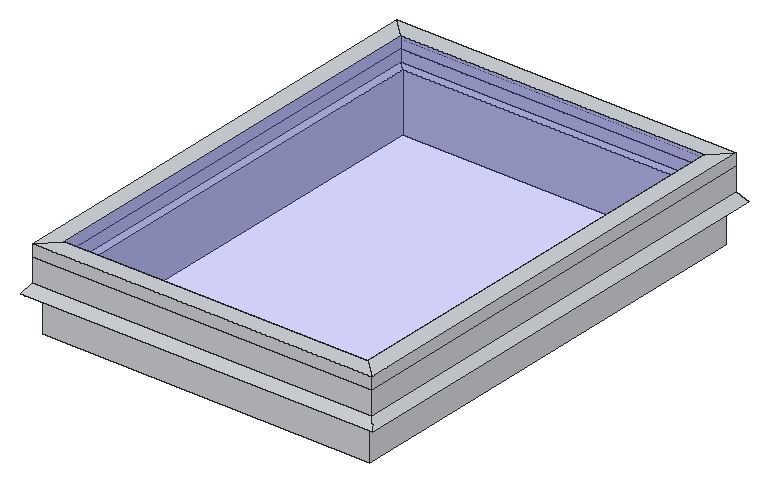
Revit family "WSL_A3-Skylight-Fixed", category Windows, host Roof, Revit 2016
Family settings
  Host = Roof
  Always vertical = No
  Cut with Voids When Loaded = No
  Shared = No
  Room Calculation Point = No
Parameters (values of type "28" x 38" Skylight")
  Height = 3' - 2"
  Type Comments = ""
  Width = 2' - 4"
Types (6): name | Height | Width
  (no name) | 3' - 2" | 2' - 4"
  28" x 38" Skylight | 3' - 2" | 2' - 4"
  24 1/2" x 27" Skylight | 2' - 3" | 2' - 0 1/2"
  16 1/2" x 46" Skylight | 3' - 10" | 1' - 4 1/2"
  44" x 46" Skylight | 3' - 10" | 3' - 8"
  28" x 72" Skylight | 6' - 0" | 2' - 4"
Reference planes (in)
  plane 1 "Roof": z = 144
  plane 2 "Right": x = 11.01733
  plane 3 "Left": x = -16.98267
  plane 4: y = 15.57103
  plane 5: y = -22.42897
  plane 6 "Face": z = 150
  plane 7 "Center L/R": x = -2.98267
  plane 8 "Center F/B": y = -3.42897
Forms (in)
  Sweep 1, solid
    path origin (0, 0, 150) x (-1, 0, 0) y (0, -1, 0)
      loop
        line (16.98267, 22.42897) -> (-11.01733, 22.42897) -> (-11.01733, -15.57103) -> (16.98267, -15.57103) -> (16.98267, 22.42897)
    profile origin (-2.98267, 0, 150) x (0, 1, 0) y (0, 0, 1)
      loop
        line (-20.67897, 0) -> (-20.67897, 5) -> (-21.42897, 5) -> (-21.42897, 6) -> (-22.42897, 6) -> (-22.42897, 0) -> (-20.67897, 0)
  Sweep 2, solid
    path origin (0, 0, 150) x (-1, 0, 0) y (0, -1, 0)
      loop
        line (16.98267, -15.57103) -> (16.98267, 22.42897) -> (-11.01733, 22.42897) -> (-11.01733, -15.57103) -> (16.98267, -15.57103)
    profile origin (-2.98267, 0, 150) x (0, 1, 0) y (0, 0, 1)
      loop
        line (14.57103, 6) -> (15.57103, 6) -> (15.82103, 6) -> (15.82103, 3.92118) -> (16.43982, 3.03745) -> (16.6446, 3.18085) -> (16.07103, 4) -> (16.07103, 6) -> (16.07103, 7) -> (14.57103, 7) -> (14.57103, 6)
  Extrusion 3, solid
    sketch origin (-15.98267, -21.42897, 157) x (0, 1, 0) y (-1, 0, 0)
      loop
        line (0, 0) -> (0, -26) -> (36, -26) -> (36, 0) -> (0, 0)
    from 0 to -0.25
Lines and regions (in)
  Opening 1
    outline origin (0, 0, 150) x (0, 1, 0) y (-1, 0, 0)
      loop
        line (13.82103, 15.23267) -> (-20.67897, 15.23267) -> (-20.67897, -9.26733) -> (13.82103, -9.26733) -> (13.82103, 15.23267)
  symbolic lines, style "WindowsFrameMullionProjection"
    curve 1: line (-16.98267, 15.57103, 150) -> (11.01733, 15.57103, 150)
    curve 2: line (-16.98267, -22.42897, 150) -> (-16.98267, 15.57103, 150)
    curve 3: line (11.01733, -22.42897, 150) -> (-16.98267, -22.42897, 150)
    curve 4: line (11.01733, 15.57103, 150) -> (11.01733, -22.42897, 150)
    curve 5: line (-15.98267, 14.57103, 150) -> (10.01733, 14.57103, 150)
    curve 6: line (-15.98267, -21.42897, 150) -> (-15.98267, 14.57103, 150)
    curve 7: line (10.01733, -21.42897, 150) -> (-15.98267, -21.42897, 150)
    curve 8: line (10.01733, 14.57103, 150) -> (10.01733, -21.42897, 150)
Dimensions and locks (in)
  host sketch curve to host sketch curve = 10' - 0"  (x2)
  "Width": plane 3 "Left" to plane 2 "Right"
  "Height": plane 5 to plane 4
  equal spacing: plane 3 "Left", plane 7 "Center L/R", plane 2 "Right"
  equal spacing: plane 5, plane 8 "Center F/B", plane 4
  aligned and locked: level to plane 1 "Roof"
  aligned and locked: plane 6 "Face" to host roof
Automatic sketch dimensions
  Opening 1 sketch curve to plane 3 "Left" = 0' - 1 3/4"
  plane 5 to Opening 1 sketch curve = 0' - 1 3/4"
  plane 4 to Opening 1 sketch curve = 0' - 1 3/4"
  plane 2 "Right" to Opening 1 sketch curve = 0' - 1 3/4"
  Sweep 1 sketch curve to plane 2 "Right" = 0' - 0"
  Sweep 1 sketch curve to plane 3 "Left" = 0' - 0"
  Sweep 1 sketch curve to plane 4 = 0' - 0"
  Sweep 1 sketch curve to plane 5 = 0' - 0"
  Sweep 1 sketch curve to plane 6 "Face" = 0' - 0"
  Sweep 1 sketch curve to profile plane = 0' - 0"
  Sweep 1 sketch curve to profile plane = 0' - 1"
  Sweep 1 sketch curve to Sweep 1 sketch curve = 0' - 0 3/4"
  Sweep 1 sketch curve to plane 6 "Face" = 0' - 5"
  Sweep 1 sketch curve to Sweep 1 sketch curve = 0' - 1"
  Sweep 2 sketch curve to plane 2 "Right" = 0' - 0"
  Sweep 2 sketch curve to plane 3 "Left" = 0' - 0"
  Sweep 2 sketch curve to plane 4 = 0' - 0"
  Sweep 2 sketch curve to plane 5 = 0' - 0"
  Sweep 2 sketch curve to profile plane = 0' - 0"
  profile plane to Sweep 2 sketch curve = 0' - 1"
  Sweep 2 sketch curve to profile plane = 0' - 0 1/4"
  Sweep 2 sketch curve to profile plane = 0' - 0 1/2"
  Sweep 2 sketch curve to profile plane = 0' - 0.86879"
  Sweep 2 sketch curve to Sweep 2 sketch curve = 0' - 0.20479"
  Sweep 2 sketch curve to plane 6 "Face" = 0' - 3.03745"
  Sweep 2 sketch curve to Sweep 2 sketch curve = 0' - 0.14339"
  Sweep 2 sketch curve to Sweep 2 sketch curve = 0' - 2"
  Sweep 2 sketch curve to Sweep 2 sketch curve = 0' - 0"
  Sweep 2 sketch curve to Sweep 2 sketch curve = 0' - 1"
  plane 2 "Right" to Extrusion 3 sketch curve = 0' - 1"
  plane 5 to Extrusion 3 sketch curve = 0' - 1"
  Extrusion 3 sketch curve to plane 3 "Left" = 0' - 1"
  plane 4 to Extrusion 3 sketch curve = 0' - 1"
  curve 1 to plane 3 "Left" = 0' - 0"
  curve 4 to plane 2 "Right" = 0' - 0"
  curve 3 to plane 5 = 0' - 0"
  curve 2 to plane 4 = 0' - 0"
  curve 5 to plane 3 "Left" = 0' - 1"
  plane 2 "Right" to curve 5 = 0' - 1"
  plane 5 to curve 7 = 0' - 1"
  plane 4 to curve 5 = 0' - 1"
